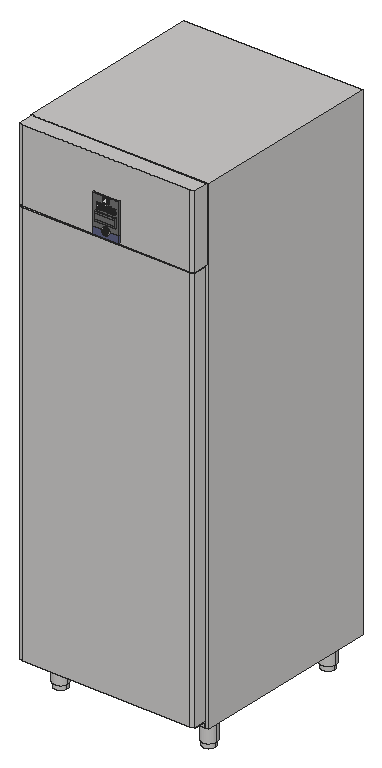
Revit family "QF_ELECTROLUXPROFESSIONAL_725226_REX71FRM", category Specialty Equipment, Revit 2018
Family settings
  Round Connector Dimension = Use Diameter
  Part Type = Normal
  Work Plane-Based = No
  Always vertical = Yes
  Cut with Voids When Loaded = No
  Shared = No
  Room Calculation Point = No
Parameters (values of type "Standard")
  Weight = 106.00 kg
  Watts = 0 W
  Volts = 220 V
  URL Manufacturer = "http://professional.electrolux.com"
  URL = "http://professional.electrolux.com"
  Steam Supply Size = 0 mm
  Steam Supply Minimum Pressure = 0.0 Pa
  Steam Supply Maximum Pressure = 0.0 Pa
  Steam Pounds per Hour = 0
  Refrigeration Suction Line Size = 0 mm
  Refrigeration Liquid Line Size = 0 mm
  Refrigerant Compressor Remote = yes
  Manufacturer = "Electrolux Professional"
  Phase = 1
  Model = "REX71FRM"
  Length Actual = 710 mm  # constant formula
  Item Number = "725226"
  Hot Water Size = 0 mm
  Height Actual = 2050 mm  # constant formula
  HP = "0.3 HP"
  Gas Size = 0 mm
  Gas KW = 0
  Gas Input Pressure = 0 W
  Direct Waste Size = 0 mm
  Description = "1-DOOR REFRIG 670L -2/+10°C DIG. A304 - R290 - MARINE 50HZ"
  Depth Actual = 835 mm  # constant formula
  Cycle = 50 Hz
  Condensate Return Size = 0 mm
  Compressed Air Volume = 0.0 L/s
  Compressed Air Size = 0 mm
  Compressed Air Pressure = 0.0 Pa
  Cold Water Size = 0 mm
  Accessory = yes
Reference planes
  plane 1 "Center (Front/Back)": y = 0
  plane 2: z = 0
  plane 3 "Center (Left/Right)": x = 0
  plane 4 "BASE": z = 110
  plane 5 "TOP": z = 2050
  plane 6 "FRONT": y = -417.5
  plane 7 "BACK": y = 417.5
  plane 8 "LEFT": x = -355
  plane 9 "RIGHT": x = 355
Forms (mm)
  Extrusion 1, solid, material "QF_Finishes_Stainless Steel"
    sketch origin (0, 0, 0) x (1, 0, 0) y (0, 1, 0)
      loop
        circle (-278, 344.5) r 25
      loop
        circle (278, 344.5) r 25
      loop
        circle (-295, -269.5) r 25
      loop
        circle (295, -269.5) r 25
    from 0 to 20
  Extrusion 2, solid, material "QF_Finishes_Stainless Steel"
    sketch origin (0, 0, 0) x (1, 0, 0) y (0, 1, 0)
      loop
        circle (-278, 344.5) r 30
      loop
        circle (278, 344.5) r 30
      loop
        circle (295, -269.5) r 30
      loop
        circle (-295, -269.5) r 30
    from 20 to 110
  Extrusion 3, solid, material "QF_Finishes_Stainless Steel"
    sketch origin (0, 0, 110) x (-1, 0, 0) y (0, -1, 0)
      loop
        line (355, -417.5) -> (355, 345.5) -> (-355, 345.5) -> (-355, -417.5) -> (355, -417.5)
    from 0 to 1940
  Extrusion 4, solid
    sketch origin (0, 417.5, 1660) x (-1, 0, 0) y (0, 0, 1)
      loop
        circle (339, 124) r 10
    from 0 to 3.2
  Extrusion 5, solid, material "QF_Door-Drawer Clearances", detail levels coarse
    sketch origin (0, 0, 110) x (-1, 0, 0) y (0, -1, 0)
      loop
        line (-345, 409.5) -> (-283, 409.5) -> (-283, 1006.5) -> (-301, 1006.5) -> (-301, 1024.5) -> (-323, 1024.5) -> (-323, 1062.5) -> (-345, 1062.5) -> (-345, 409.5)
    from 1642.965 to 28
  Extrusion 6, solid, material "QF_Door-Drawer Clearances", detail levels coarse
    sketch origin (0, 0, 110) x (-1, 0, 0) y (0, -1, 0)
      loop
        line (-283, 409.5) -> (347, 409.5)
        arc (347, 409.5) -> (150.684, 878.295) -> (-323, 1062.5) r 650
        line (-323, 1062.5) -> (-323, 1024.5) -> (-301, 1024.5) -> (-301, 1006.5) -> (-283, 1006.5) -> (-283, 409.5)
    from 1642.965 to 28
  Extrusion 7, solid, material "QF_Clearances", detail levels coarse
    sketch origin (0, 0, 110) x (-1, 0, 0) y (0, -1, 0)
      loop
        line (355, 417.5) -> (355, -417.5) -> (-355, -417.5) -> (-355, 417.5) -> (-375, 417.5) -> (-375, -447.5) -> (375, -447.5) -> (375, 417.5) -> (355, 417.5)
    from -110 to 1940
  Extrusion 8, solid, material "QF_Clearances", detail levels coarse
    sketch origin (0, 0, 2050) x (-1, 0, 0) y (0, -1, 0)
      loop
        line (375, -447.5) -> (375, 417.5) -> (-375, 417.5) -> (-375, -447.5) -> (375, -447.5)
    from 0 to 500
  Extrusion 9, void
    sketch origin (0, 417.5, 0) x (-1, 0, 0) y (0, 0, 1)
      loop
        line (280, 1724.965) -> (-280, 1724.965) -> (-280, 180) -> (0, 170) -> (280, 179.676) -> (280, 1724.965)
    from -56 to -763
  Extrusion 10, solid, material "QF_Finishes_Stainless Steel"
    sketch origin (0, 0, 110) x (-1, 0, 0) y (0, -1, 0)
      loop
        circle (0, 254.5) r 7.938
    from 0 to -10
Cuts and joins
  joined: Extrusion 7, Extrusion 8
  Extrusion 9 cuts Extrusion 3
Lines and regions (mm)
  symbolic lines, style "SpecialityEquipmentHiddenLines"
    curve 1: line (345, -409.5, 110) -> (345, -1062.5, 110)
    curve 2: line (345, -1062.5, 110) -> (323, -1062.5, 110)
    curve 3: line (283, -409.5, 110) -> (283, -1006.5, 110)
    curve 4: line (323, -1062.5, 110) -> (323, -1024.5, 110)
    curve 5: line (323, -1024.5, 110) -> (301, -1024.5, 110)
    curve 6: line (301, -1024.5, 110) -> (301, -1006.5, 110)
    curve 7: line (301, -1006.5, 110) -> (283, -1006.5, 110)
    curve 8: arc (-347, -409.5, 110) -> (-150.684, -878.295, 110) -> (323, -1062.5, 110) r 650
  symbolic lines, style "QF_Clearances", detail levels coarse
    curve 9: line (-355, -417.5, 2050) -> (-375, -417.5, 2050)
    curve 10: line (-375, -417.5, 2050) -> (-375, 447.5, 2050)
    curve 11: line (-375, 447.5, 2050) -> (375, 447.5, 2050)
    curve 12: line (375, 447.5, 2050) -> (375, -417.5, 2050)
    curve 13: line (375, -417.5, 2050) -> (355, -417.5, 2050)
  symbolic lines
    curve 14: line (355, 417.5, 110) -> (-355, 417.5, 110)
    curve 15: line (355, -345.5, 110) -> (355, 417.5, 110)
    curve 16: line (-355, -345.5, 110) -> (355, -345.5, 110)
    curve 17: line (-355, 417.5, 110) -> (-355, -345.5, 110)
Dimensions and locks
  equal spacing: plane 7 "BACK", plane 1 "Center (Front/Back)", plane 6 "FRONT"
  equal spacing: plane 8 "LEFT", plane 3 "Center (Left/Right)", plane 9 "RIGHT"
  plane 8 "LEFT" to plane 9 "RIGHT" = 710 mm
  plane 7 "BACK" to plane 6 "FRONT" = 835 mm
  plane 5 "TOP" to plane 2 = 2050 mm
  aligned and locked: level to plane 2
Automatic sketch dimensions
  Extrusion 3 sketch curve to plane 7 "BACK" = 0 mm
  Extrusion 3 sketch curve to plane 9 "RIGHT" = 0 mm
  Extrusion 3 sketch curve to plane 8 "LEFT" = 0 mm
  plane 8 "LEFT" to Extrusion 4 sketch curve = 16 mm
  plane 4 "BASE" to Extrusion 4 sketch curve = 1674 mm
  plane 9 "RIGHT" to Extrusion 5 sketch curve = 10 mm
  Extrusion 5 sketch curve to plane 6 "FRONT" = 589 mm
  Extrusion 5 sketch curve to Extrusion 5 sketch curve = 18 mm
  Extrusion 5 sketch curve to Extrusion 5 sketch curve = 38 mm
  plane 6 "FRONT" to Extrusion 5 sketch curve = 8 mm
  plane 6 "FRONT" to Extrusion 6 sketch curve = 4.692 mm
  Extrusion 6 sketch curve to Extrusion 6 sketch curve = 18 mm  (x2)
  Extrusion 6 sketch curve to Extrusion 6 sketch curve = 38 mm
  plane 8 "LEFT" to Extrusion 6 sketch curve = 8 mm
  plane 6 "FRONT" to Extrusion 6 sketch curve = 8 mm
  Extrusion 7 sketch curve to plane 6 "FRONT" = 0 mm  (x2)
  Extrusion 7 sketch curve to plane 7 "BACK" = 0 mm
  Extrusion 7 sketch curve to plane 9 "RIGHT" = 0 mm
  Extrusion 7 sketch curve to plane 8 "LEFT" = 0 mm
  Extrusion 7 sketch curve to plane 9 "RIGHT" = 20 mm
  Extrusion 7 sketch curve to plane 8 "LEFT" = 20 mm
  plane 7 "BACK" to Extrusion 7 sketch curve = 30 mm
  Extrusion 8 sketch curve to plane 6 "FRONT" = 0 mm
  Extrusion 8 sketch curve to plane 9 "RIGHT" = 20 mm
  Extrusion 8 sketch curve to plane 8 "LEFT" = 20 mm
  plane 7 "BACK" to Extrusion 8 sketch curve = 30 mm
  plane 8 "LEFT" to Extrusion 1 sketch curve = 60 mm
  plane 8 "LEFT" to Extrusion 1 sketch curve = 77 mm
  plane 9 "RIGHT" to Extrusion 1 sketch curve = 77 mm
  plane 9 "RIGHT" to Extrusion 1 sketch curve = 60 mm
  plane 6 "FRONT" to Extrusion 1 sketch curve = 148 mm  (x2)
  Extrusion 1 sketch curve to plane 7 "BACK" = 73 mm  (x2)
  plane 8 "LEFT" to Extrusion 2 sketch curve = 60 mm
  plane 8 "LEFT" to Extrusion 2 sketch curve = 77 mm
  plane 9 "RIGHT" to Extrusion 2 sketch curve = 77 mm
  plane 9 "RIGHT" to Extrusion 2 sketch curve = 60 mm
  plane 6 "FRONT" to Extrusion 2 sketch curve = 148 mm  (x2)
  Extrusion 2 sketch curve to plane 7 "BACK" = 73 mm  (x2)
  plane 6 "FRONT" to Extrusion 3 sketch curve = 72 mm
  plane 9 "RIGHT" to Extrusion 5 sketch curve = 32 mm
  Extrusion 5 sketch curve to Extrusion 5 sketch curve = 22 mm
  Extrusion 5 sketch curve to Extrusion 5 sketch curve = 62 mm
  plane 9 "RIGHT" to Extrusion 6 sketch curve = 72 mm
  Extrusion 6 sketch curve to Extrusion 6 sketch curve = 19.992 mm
  Extrusion 6 sketch curve to Extrusion 6 sketch curve = 22 mm
  curve 13 to plane 6 "FRONT" = 0 mm
  curve 13 to plane 9 "RIGHT" = 0 mm
  curve 9 to plane 6 "FRONT" = 0 mm
  curve 9 to plane 8 "LEFT" = 0 mm
  curve 12 to plane 9 "RIGHT" = 20 mm
  curve 9 to curve 9 = 20 mm
  plane 7 "BACK" to curve 12 = 30 mm
  Extrusion 10 sketch curve to plane 3 "Center (Left/Right)" = 0 mm
  plane 6 "FRONT" to Extrusion 10 sketch curve = 163 mm
  Extrusion 9 sketch curve to plane 3 "Center (Left/Right)" = 0 mm
  plane 8 "LEFT" to Extrusion 9 sketch curve = 75 mm
  plane 4 "BASE" to Extrusion 9 sketch curve = 60 mm
  plane 4 "BASE" to Extrusion 9 sketch curve = 69.676 mm
  Extrusion 9 sketch curve to plane 5 "TOP" = 325.035 mm
  plane 9 "RIGHT" to Extrusion 9 sketch curve = 75 mm
  Extrusion 9 sketch curve to Extrusion 9 sketch curve = 0.324 mm
  curve 15 to plane 7 "BACK" = 0 mm
  curve 15 to plane 9 "RIGHT" = 0 mm
  curve 16 to plane 8 "LEFT" = 0 mm
  plane 9 "RIGHT" to curve 2 = 10 mm
  plane 9 "RIGHT" to curve 5 = 32 mm
  plane 6 "FRONT" to curve 8 = 4.692 mm
  curve 1 to curve 8 = 42.008 mm
  curve 4 to curve 6 = 22 mm
  curve 6 to curve 7 = 18 mm
  plane 6 "FRONT" to curve 17 = 72 mm
  curve 7 to plane 6 "FRONT" = 589 mm
  curve 6 to curve 6 = 18 mm
  curve 4 to curve 2 = 38 mm
  plane 6 "FRONT" to curve 8 = 8 mm
  plane 6 "FRONT" to curve 3 = 8 mm
  plane 6 "FRONT" to curve 1 = 8 mm
  radius of Extrusion 1 sketch curve = 25 mm  (x4)
  radius of Extrusion 2 sketch curve = 30 mm  (x4)
  radius of Extrusion 4 sketch curve = 10 mm
  radius of Extrusion 10 sketch curve = 7.938 mm
Nested families
  nested 1: "QF_725226_Door" at (0, -345.5, 968.365) x (1, 0, 0) z (0, -1, 0), type "QF_725226_Door"
    with Show Clearance yes
  nested 2: "Refrigerator" at (355, -417.5, 110), type "Refrigerator"
Connectors
  electrical at (-339, 420.7, 1784), driven by "Volts"
    settings: on Extrusion 4, index 2, voltage 220 V, apparent load 0 VA, apparent load phase1 0 VA, apparent load phase2 0 VA, apparent load phase3 0 VA, power factor 1, load classification "Other", number of poles 1, system type 30, power factor state 1, is connector primary yes, connector utility no, sub classification motor no, connector description "Electrical Connection"
  piping at (0, -254.5, 100), diameter 15.875
    settings: on Extrusion 10, index 3, connector inside diameter 609.6 mm, connector length 0 mm, flow factor 0, pipe flow 0.0 L/s, pressure drop 0.0 Pa, fitting loss kfactor 0, connector angle 0.00°, fixture units 0, engagement length 0 mm, angle of deflection 0.00°, flow configuration 1, flow direction 2, fitting loss method 0, system type 16, joint type 0, gender type 0, connector reference index -1, connector utility 0, adjustable connector no, is connector primary yes, connector description "Drain"
Definition of nested family "QF_725226_Door"
  Parameters
    Show Clearance [instance] = yes
    Model = "725226"
    Default Elevation = 0 mm
  Reference planes
    plane 1 "Center (Front/Back)": y = 0
    plane 2: z = 0
    plane 3 "Center (Left/Right)": x = 0
  Forms (mm)
    Extrusion 1, solid
      sketch origin (0, -919.2, 0) x (1, 0, 0) y (0, 1, 0)
        loop
          line (-460, 2119.2) -> (-460, -162.846) -> (488.967, -162.846) -> (488.967, 2119.2) -> (-460, 2119.2)
      from 0 to -59.546
    Extrusion 2, solid
      sketch origin (0, 0, 0) x (1, 0, 0) y (0, 0, 1)
        loop
          line (-347, 60) -> (-347, 0) -> (347, 0) -> (347, 60) -> (332, 64) -> (-332, 64) -> (-347, 60)
      from -1081.6 to -791.6
    Extrusion 3, solid
      sketch origin (0, 0, 0) x (1, 0, 0) y (0, 0, 1)
        loop
          line (-347, 60) -> (-347, 26) -> (-325, 26) -> (-325, 8) -> (-307, 8) -> (-307, 0) -> (339, 0) -> (339, 8) -> (347, 8) -> (347, 60) -> (332, 64) -> (-332, 64) -> (-347, 60)
      from -784.6 to 830.4
    Extrusion 4, solid
      sketch origin (119, -516.365, 0) x (0, 1, 0) y (0, 0, 1)
        loop
          line (-323.003, 40.312) -> (-316.501, 40.312) -> (-316.501, 42.812) -> (-325.503, 42.812) -> (-325.503, 2.5) -> (-342, 2.5) -> (-342, 0) -> (-323.003, 0) -> (-323.003, 12.259) -> (-323.003, 40.312)
        loop
          line (-314, 38.311) -> (-316.501, 38.311) -> (-316.501, 14.304) -> (-319.752, 14.304) -> (-319.752, 11.804) -> (-314, 11.804) -> (-314, 38.311)
      from 185 to 220
    Extrusion 5, solid
      sketch origin (119, 469.597, 0) x (0, 1, 0) y (0, 0, 1)
        loop
          line (315.003, 27.948) -> (315.003, 2.948) -> (315.003, 0) -> (322.003, 0) -> (322.003, 2.5) -> (317.503, 2.5) -> (317.503, 27.948) -> (315.003, 27.948)
      from 185 to 220
  Lines and regions (mm)
    symbolic lines
      curve 1: line (-332, 0, 64) -> (332, 0, 64)
      curve 2: line (-347, 0, 0) -> (-347, 0, 60)
      curve 3: line (347, 0, 0) -> (-347, 0, 0)
      curve 4: line (347, 0, 60) -> (347, 0, 0)
      curve 5: line (-347, 0, 26) -> (-325, 0, 26)
      curve 6: line (-325, 0, 26) -> (-325, 0, 8)
      curve 7: line (-325, 0, 8) -> (-307, 0, 8)
      curve 8: line (-307, 0, 8) -> (-307, 0, 0)
      curve 9: line (339, 0, 8) -> (347, 0, 8)
      curve 10: line (339, 0, 8) -> (339, 0, 0)
      curve 11: line (-332, 0, 64) -> (-347, 0, 60)
      curve 12: line (332, 0, 64) -> (347, 0, 60)
  Dimensions and locks
    aligned and locked: plane 2 to Extrusion 1
    aligned and locked: level to Extrusion 1
  Nested families
    nested 1: "QF_DisplayStandardCabinets" at (0, 863.6, 64), type "QF_DisplayStandardCabinets"
      with Show Clearance yes
  Definition of nested family "QF_DisplayStandardCabinets"
    Parameters
      Show Clearance [instance] = yes
      Model = "728658"
      Default Elevation = 1219.2 mm
    Reference planes
      plane 1 "Center (Front/Back)": y = 0
      plane 2: z = 0
      plane 3 "Center (Left/Right)": x = 0
    Forms (mm)
      Extrusion 1, solid
        sketch origin (0, -919.2, 0) x (1, 0, 0) y (0, 1, 0)
          loop
            line (-198.75, 1146.2) -> (-198.75, 709.567) -> (165.741, 709.567) -> (165.741, 1146.2) -> (-198.75, 1146.2)
        from 0 to -59.546
      Extrusion 2, solid
        sketch origin (-59, -44.611, 0) x (0, 1, 0) y (-1, 0, 0)
          loop
            circle (0.611, -59) r 14
        from 4 to 7
      Extrusion 3, solid
        sketch origin (744.635, 320.889, 0) x (0, 1, 0) y (-1, 0, 0)
          loop
            circle (-364.889, 744.635) r 10
          loop
            circle (-364.889, 744.635) r 9
        from 4 to 8
      Extrusion 4, solid
        sketch origin (744.635, 320.889, 0) x (0, 1, 0) y (-1, 0, 0)
          loop
            circle (-364.889, 744.635) r 8.7
        from 4 to 8
      Extrusion 5, void
        sketch origin (744.635, 320.889, 0) x (0, 1, 0) y (-1, 0, 0)
          loop
            line (-372.339, 745.885) -> (-372.339, 743.385) -> (-362.339, 743.385) -> (-362.339, 745.885) -> (-372.339, 745.885)
        from 8.592 to 6.269
      Extrusion 6, solid
        sketch origin (744.635, 320.889, 0) x (0, 1, 0) y (-1, 0, 0)
          loop
            line (-372.339, 745.885) -> (-372.339, 743.385) -> (-362.339, 743.385) -> (-362.339, 745.885) -> (-372.339, 745.885)
        from 6 to 8
      Extrusion 7, solid
        sketch origin (0, 0, 0) x (1, 0, 0) y (0, 1, 0)
          loop
            line (-51.473, 80) -> (-51.473, -44) -> (-14, -44)
            arc (-14, -44) -> (0, -30) -> (14, -44) r 14
            line (14, -44) -> (50.954, -44) -> (50.954, 80) -> (-51.473, 80)
        from 0 to 4
      Extrusion 8, solid
        sketch origin (0, -30, 0) x (0, 1, 0) y (0, 0, 1)
          loop
            line (10.404, 4) -> (17.404, 4) -> (17.404, 8)
            arc (17.404, 8) -> (13.868, 7.749) -> (10.404, 7) r 25
            line (10.404, 7) -> (10.404, 4)
          loop
            arc (47.404, 7) -> (43.939, 7.749) -> (40.404, 8) r 25
            line (40.404, 8) -> (40.404, 4) -> (47.404, 4) -> (47.404, 7)
        from 40 to -40
      Extrusion 9, solid
        sketch origin (0, -30, 0) x (1, 0, 0) y (0, 1, 0)
          loop
            line (-40, 40.404) -> (-40, 17.404) -> (40, 17.404) -> (40, 40.404) -> (-40, 40.404)
        from 8 to 4
      Extrusion 10, solid
        sketch origin (46.005, 87.683, 0) x (1, 0, 0) y (0, 1, 0)
          loop
            line (-43.063, -13.359) -> (-43.063, -33.154)
            arc (-43.063, -33.154) -> (-35.746, -23.257) -> (-43.063, -13.359) r 10.352
          loop
            arc (-44.07, -13.359) -> (-52.302, -15.23) -> (-56.268, -22.683) r 10.145
            line (-56.268, -22.683) -> (-52.994, -22.683)
            arc (-52.994, -22.683) -> (-47.143, -20.308) -> (-44.07, -14.793) r 9.509
            line (-44.07, -14.793) -> (-44.07, -13.359)
          loop
            arc (-44.07, -31.721) -> (-47.143, -26.205) -> (-52.994, -23.831) r 9.509
            line (-52.994, -23.831) -> (-56.268, -23.831)
            arc (-56.268, -23.831) -> (-52.309, -31.345) -> (-44.07, -33.408) r 10.411
            line (-44.07, -33.408) -> (-44.07, -31.721)
          loop
            line (-57.02, -12.279) -> (-57.02, -34.279) -> (-34.99, -34.279) -> (-34.99, -12.279) -> (-57.02, -12.279)
        from 4 to 5.6
      Extrusion 11, solid
        sketch origin (-12.866, 61.032, 0) x (1, 0, 0) y (0, 1, 0)
          loop
            line (-15.272, -12.492) -> (-22.708, -12.492) -> (-22.708, -21.151)
            arc (-22.708, -21.151) -> (-21.729, -23.514) -> (-19.367, -24.492) r 3.341
            line (-19.367, -24.492) -> (-15.128, -24.492) -> (-15.128, -22.55) -> (-18.883, -22.55)
            arc (-18.883, -22.55) -> (-20.117, -22.133) -> (-20.642, -20.941) r 1.615
            line (-20.642, -20.941) -> (-20.642, -19.224) -> (-15.593, -19.224) -> (-15.593, -17.274) -> (-20.642, -17.274) -> (-20.642, -14.436) -> (-15.272, -14.436) -> (-15.272, -12.492)
          loop
            line (-13.66, -12.492) -> (-13.66, -24.492) -> (-11.593, -24.492) -> (-11.593, -12.492) -> (-13.66, -12.492)
          loop
            line (31.232, -12.492) -> (31.232, -24.492) -> (33.3, -24.492) -> (33.3, -12.492) -> (31.232, -12.492)
          loop
            line (-8.175, -20.66) -> (-1.392, -20.66)
            arc (-1.392, -20.66) -> (-2.453, -16.934) -> (-6.081, -15.575) r 4.298
            arc (-6.081, -15.575) -> (-9.277, -17.196) -> (-10.188, -20.66) r 4.373
            arc (-10.188, -20.66) -> (-8.988, -23.558) -> (-6.091, -24.758) r 4.097
            arc (-6.091, -24.758) -> (-3.837, -24.425) -> (-1.946, -23.152) r 5.15
            line (-1.946, -23.152) -> (-3.171, -21.928)
            arc (-3.171, -21.928) -> (-4.778, -22.892) -> (-6.645, -22.73) r 3.039
            arc (-6.645, -22.73) -> (-7.784, -21.972) -> (-8.175, -20.66) r 2.013
          loop
            line (-8.123, -19.207) -> (-3.469, -19.207)
            arc (-3.469, -19.207) -> (-4.122, -17.833) -> (-5.557, -17.326) r 1.983
            arc (-5.557, -17.326) -> (-7.213, -17.758) -> (-8.123, -19.207) r 2.321
          loop
            line (6.665, -18.342) -> (7.963, -17.044)
            arc (7.963, -17.044) -> (6.336, -15.866) -> (4.358, -15.514) r 4.497
            arc (4.358, -15.514) -> (1.341, -16.616) -> (-0.242, -19.411) r 4.652
            arc (-0.242, -19.411) -> (2.426, -24.31) -> (7.89, -23.18) r 4.684
            line (7.89, -23.18) -> (6.599, -21.89)
            arc (6.599, -21.89) -> (3.813, -22.811) -> (1.817, -20.66) r 2.714
            arc (1.817, -20.66) -> (1.956, -18.959) -> (3.127, -17.718) r 2.578
            arc (3.127, -17.718) -> (5.002, -17.432) -> (6.665, -18.342) r 2.961
          loop
            line (9.233, -12.492) -> (9.233, -20.693)
            arc (9.233, -20.693) -> (9.411, -21.923) -> (9.872, -23.078) r 5.301
            arc (9.872, -23.078) -> (11.347, -24.251) -> (13.216, -24.498) r 3.531
            line (13.216, -24.498) -> (13.216, -22.561)
            arc (13.216, -22.561) -> (12.66, -22.519) -> (12.142, -22.313) r 1.862
            arc (12.142, -22.313) -> (11.478, -21.611) -> (11.3, -20.66) r 1.713
            line (11.3, -20.66) -> (11.3, -17.691) -> (13.177, -17.691) -> (13.177, -15.813) -> (11.3, -15.813) -> (11.3, -12.492) -> (9.233, -12.492)
          loop
            arc (16.966, -19.93) -> (17.114, -19.065) -> (17.54, -18.298) r 2.607
            arc (17.54, -18.298) -> (18.779, -17.662) -> (20.17, -17.691) r 2.84
            line (20.17, -17.691) -> (20.17, -15.704)
            arc (20.17, -15.704) -> (18.352, -15.876) -> (16.966, -17.064) r 3.016
            line (16.966, -17.064) -> (16.966, -15.813) -> (14.916, -15.813) -> (14.916, -24.492) -> (16.966, -24.492) -> (16.966, -19.93)
          loop
            circle (25.224, -20.154) r 4.599
          loop
            circle (25.224, -20.154) r 2.787
          loop
            arc (40.755, -20.878) -> (40.245, -22.281) -> (38.861, -22.84) r 1.835
            arc (38.861, -22.84) -> (37.476, -22.281) -> (36.966, -20.878) r 1.835
            line (36.966, -20.878) -> (36.966, -15.813) -> (34.881, -15.813) -> (34.881, -21.05)
            arc (34.881, -21.05) -> (36.067, -23.754) -> (38.861, -24.712) r 3.675
            arc (38.861, -24.712) -> (41.685, -23.725) -> (42.839, -20.965) r 3.675
            line (42.839, -20.965) -> (42.839, -15.813) -> (40.755, -15.813) -> (40.755, -20.878)
          loop
            line (44.088, -15.813) -> (47.09, -19.889) -> (43.792, -24.495) -> (46.014, -24.495) -> (48.203, -21.438) -> (50.424, -24.495) -> (52.632, -24.495) -> (49.381, -19.842) -> (52.354, -15.813) -> (50.097, -15.813) -> (48.196, -18.39) -> (46.324, -15.813) -> (44.088, -15.813)
          loop
            line (-21.545, -29.467) -> (-23.194, -29.467) -> (-23.194, -33.617) -> (-22.292, -33.617) -> (-22.292, -32.188) -> (-21.295, -32.188)
            arc (-21.295, -32.188) -> (-20.179, -30.713) -> (-21.545, -29.467) r 1.372
          loop
            arc (-21.334, -31.373) -> (-20.993, -30.839) -> (-21.334, -30.306) r 0.587
            line (-21.334, -30.306) -> (-22.292, -30.306) -> (-22.292, -31.373) -> (-21.334, -31.373)
          loop
            line (-15.033, -29.467) -> (-16.71, -29.467) -> (-16.71, -33.617) -> (-15.808, -33.617) -> (-15.808, -32.188) -> (-14.935, -32.188) -> (-14.339, -33.617) -> (-13.37, -33.617) -> (-14.186, -31.867)
            arc (-14.186, -31.867) -> (-13.795, -31.4) -> (-13.664, -30.805) r 1.281
            arc (-13.664, -30.805) -> (-14.076, -29.857) -> (-15.033, -29.467) r 1.37
          loop
            line (-15.808, -30.306) -> (-15.808, -31.373) -> (-14.85, -31.373)
            arc (-14.85, -31.373) -> (-14.509, -30.839) -> (-14.85, -30.306) r 0.587
            line (-14.85, -30.306) -> (-15.808, -30.306)
          loop
            circle (-8.072, -31.542) r 2.156
          loop
            circle (-8.072, -31.542) r 1.368
          loop
            line (-2.373, -29.467) -> (-2.373, -33.617) -> (-1.493, -33.617) -> (-1.493, -32.167) -> (0.069, -32.167) -> (0.069, -31.237) -> (-1.493, -31.237) -> (-1.493, -30.361) -> (0.219, -30.361) -> (0.219, -29.467) -> (-2.373, -29.467)
          loop
            line (3.719, -29.467) -> (3.719, -32.269)
            arc (3.719, -32.269) -> (4.101, -33.219) -> (5.046, -33.614) r 1.327
            line (5.046, -33.614) -> (6.385, -33.614) -> (6.385, -32.83) -> (5.126, -32.83)
            arc (5.126, -32.83) -> (4.662, -32.447) -> (4.571, -31.852) r 0.845
            line (4.571, -31.852) -> (6.23, -31.852) -> (6.23, -31.068) -> (4.571, -31.068) -> (4.571, -30.251) -> (6.345, -30.251) -> (6.345, -29.467) -> (3.719, -29.467)
          loop
            arc (18.747, -29.993) -> (18.197, -29.542) -> (17.501, -29.398) r 1.485
            arc (17.501, -29.398) -> (16.858, -29.556) -> (16.329, -29.955) r 1.645
            arc (16.329, -29.955) -> (16.232, -30.897) -> (16.84, -31.624) r 1.217
            arc (16.84, -31.624) -> (17.351, -31.794) -> (17.836, -32.029) r 4.201
            arc (17.836, -32.029) -> (18.142, -32.39) -> (17.931, -32.814) r 0.43
            arc (17.931, -32.814) -> (17.539, -32.906) -> (17.149, -32.807) r 0.846
            arc (17.149, -32.807) -> (16.811, -32.564) -> (16.605, -32.203) r 0.983
            line (16.605, -32.203) -> (15.879, -32.542)
            arc (15.879, -32.542) -> (16.14, -33.046) -> (16.562, -33.427) r 1.595
            arc (16.562, -33.427) -> (17.04, -33.631) -> (17.557, -33.683) r 1.719
            arc (17.557, -33.683) -> (18.196, -33.556) -> (18.772, -33.25) r 2.246
            arc (18.772, -33.25) -> (19.027, -32.573) -> (18.896, -31.863) r 1.349
            arc (18.896, -31.863) -> (18.612, -31.535) -> (18.249, -31.298) r 1.564
            arc (18.249, -31.298) -> (17.79, -31.093) -> (17.32, -30.917) r 8.236
            arc (17.32, -30.917) -> (17.048, -30.494) -> (17.441, -30.181) r 0.375
            arc (17.441, -30.181) -> (17.911, -30.294) -> (18.273, -30.616) r 0.998
            line (18.273, -30.616) -> (18.747, -29.993)
          loop
            line (22.554, -29.467) -> (22.554, -33.614) -> (23.407, -33.614) -> (23.407, -29.467) -> (22.554, -29.467)
          loop
            circle (29.157, -31.541) r 1.29
          loop
            circle (29.157, -31.541) r 2.154
          loop
            line (34.878, -33.614) -> (35.739, -33.614) -> (35.739, -31.007) -> (37.636, -33.614) -> (38.465, -33.614) -> (38.465, -29.467) -> (37.604, -29.467) -> (37.604, -32.154) -> (35.707, -29.467) -> (34.878, -29.467) -> (34.878, -33.614)
          loop
            line (42.765, -33.614) -> (43.169, -32.72) -> (44.703, -32.72) -> (45.106, -33.614) -> (46.023, -33.614) -> (44.271, -29.467) -> (43.471, -29.467) -> (41.849, -33.614) -> (42.765, -33.614)
          loop
            line (44.32, -31.869) -> (43.909, -30.958) -> (43.51, -31.869) -> (44.32, -31.869)
          loop
            line (50.258, -32.83) -> (50.258, -29.467) -> (49.406, -29.467) -> (49.406, -33.614) -> (51.853, -33.614) -> (51.853, -32.83) -> (50.258, -32.83)
          loop
            arc (12.529, -29.993) -> (11.98, -29.542) -> (11.284, -29.398) r 1.485
            arc (11.284, -29.398) -> (10.641, -29.556) -> (10.112, -29.955) r 1.645
            arc (10.112, -29.955) -> (10.014, -30.897) -> (10.622, -31.624) r 1.217
            arc (10.622, -31.624) -> (11.133, -31.794) -> (11.618, -32.029) r 4.201
            arc (11.618, -32.029) -> (11.925, -32.39) -> (11.714, -32.814) r 0.43
            arc (11.714, -32.814) -> (11.322, -32.906) -> (10.931, -32.807) r 0.846
            arc (10.931, -32.807) -> (10.594, -32.564) -> (10.387, -32.203) r 0.983
            line (10.387, -32.203) -> (9.662, -32.542)
            arc (9.662, -32.542) -> (9.923, -33.046) -> (10.345, -33.427) r 1.595
            arc (10.345, -33.427) -> (10.823, -33.631) -> (11.34, -33.683) r 1.719
            arc (11.34, -33.683) -> (11.979, -33.556) -> (12.555, -33.25) r 2.246
            arc (12.555, -33.25) -> (12.809, -32.573) -> (12.678, -31.863) r 1.349
            arc (12.678, -31.863) -> (12.394, -31.535) -> (12.031, -31.298) r 1.564
            arc (12.031, -31.298) -> (11.573, -31.093) -> (11.102, -30.917) r 8.236
            arc (11.102, -30.917) -> (10.83, -30.494) -> (11.223, -30.181) r 0.375
            arc (11.223, -30.181) -> (11.694, -30.294) -> (12.056, -30.616) r 0.998
            line (12.056, -30.616) -> (12.529, -29.993)
        from 4 to 5.6
      Extrusion 12, solid
        sketch origin (0, 0, 0) x (1, 0, 0) y (0, 1, 0)
          loop
            line (-51.473, -44) -> (-51.473, -70) -> (50.954, -70) -> (50.954, -44) -> (14, -44)
            arc (14, -44) -> (0, -58) -> (-14, -44) r 14
            line (-14, -44) -> (-51.473, -44)
        from 0 to 4
    Cuts and joins
      Extrusion 5 cuts Extrusion 4
      joined: Extrusion 8, Extrusion 9
    Lines and regions (mm)
      Split face 1
        outline origin (-41, 10.404, 8) x (-1, 0, 0) y (0, -1, 0)
          loop
            line (-72.157, 0.05) -> (-72.157, 10.5) -> (-78.157, 10.5) -> (-78.157, 0.05) -> (-72.157, 0.05)
      Split face 2
        outline origin (-50, 10.404, 8) x (-1, 0, 0) y (0, -1, 0)
          loop
            line (-72.157, 0.05) -> (-72.157, 10.5) -> (-78.157, 10.5) -> (-78.157, 0.05) -> (-72.157, 0.05)
      Split face 3
        outline origin (-50, 10.404, 8) x (-1, 0, 0) y (0, -1, 0)
          loop
            line (-72.157, 12.45) -> (-72.157, 22.9) -> (-78.157, 22.9) -> (-78.157, 12.45) -> (-72.157, 12.45)
      Split face 4
        outline origin (-50, 10.404, 8) x (-1, 0, 0) y (0, -1, 0)
          loop
            line (-81.157, 12.45) -> (-81.157, 22.9) -> (-87.157, 22.9) -> (-87.157, 12.45) -> (-81.157, 12.45)
      Split face 5
        outline origin (-50, 10.404, 8) x (-1, 0, 0) y (0, -1, 0)
          loop
            line (-13, 0.1) -> (-13, 22.9) -> (-69, 22.9) -> (-69, 0.1) -> (-13, 0.1)
      symbolic lines
        curve 1: line (52.518, 0, 4) -> (-53.037, 0, 4)
        curve 2: line (40, 0, 4) -> (40, 0, 8)
        curve 3: line (40, 0, 8) -> (-40, 0, 8)
        curve 4: line (-40, 0, 8) -> (-40, 0, 4)
        curve 5: line (-64.765, 0, 0) -> (-53.037, 0, 4)
        curve 6: line (52.518, 0, 4) -> (64.135, 0, 0)
    Dimensions and locks
      aligned and locked: plane 2 to Extrusion 1
      aligned and locked: level to Extrusion 1
Definition of nested family "Refrigerator"
  Reference planes
    plane 1 "Center (Front/Back)": y = 0
    plane 2: z = 0
    plane 3 "Center (Left/Right)": x = 0
  Lines and regions (mm)
    detail lines, in view "Ref. Level"
      curve 1: spline (-500, 190, 0) -> (-493.185, 166.706, 0) -> (-473.205, 145, 0) -> (-441.421, 126.36, 0) -> (-400, 112.058, 0) -> (-351.764, 103.067, 0) -> (-300, 100, 0) -> (-248.236, 103.067, 0) -> (-200, 112.058, 0) -> (-158.579, 126.36, 0) -> (-126.795, 145, 0) -> (-106.815, 166.706, 0) -> (-100, 190, 0) -> (-106.815, 213.294, 0) -> (-126.795, 235, 0) -> (-158.579, 253.64, 0) -> (-200, 267.942, 0) -> (-248.236, 276.933, 0) -> (-300, 280, 0) -> (-351.764, 276.933, 0) -> (-400, 267.942, 0) -> (-441.421, 253.64, 0) -> (-473.205, 235, 0) -> (-493.185, 213.294, 0) -> (-500, 190, 0)
      curve 2: line (-300, 130, 0) -> (-300, 250, 0)
      curve 3: line (-351.962, 220, 0) -> (-248.038, 160, 0)
      curve 4: line (-351.962, 160, 0) -> (-248.038, 220, 0)
      curve 5: line (-280.884, 246.873, 0) -> (-300, 225, 0)
      curve 6: line (-300, 225, 0) -> (-319.116, 246.873, 0)
      curve 7: line (-330.311, 207.5, 0) -> (-339.696, 234.992, 0)
      curve 8: line (-358.812, 201.882, 0) -> (-330.311, 207.5, 0)
      curve 9: line (-330.311, 172.5, 0) -> (-358.812, 178.118, 0)
      curve 10: line (-339.696, 145.008, 0) -> (-330.311, 172.5, 0)
      curve 11: line (-300, 155, 0) -> (-319.116, 133.127, 0)
      curve 12: line (-280.884, 133.127, 0) -> (-300, 155, 0)
      curve 13: line (-269.689, 172.5, 0) -> (-260.304, 145.008, 0)
      curve 14: line (-241.188, 178.118, 0) -> (-269.689, 172.5, 0)
      curve 15: line (-269.689, 207.5, 0) -> (-241.188, 201.882, 0)
      curve 16: line (-260.304, 234.992, 0) -> (-269.689, 207.5, 0)
